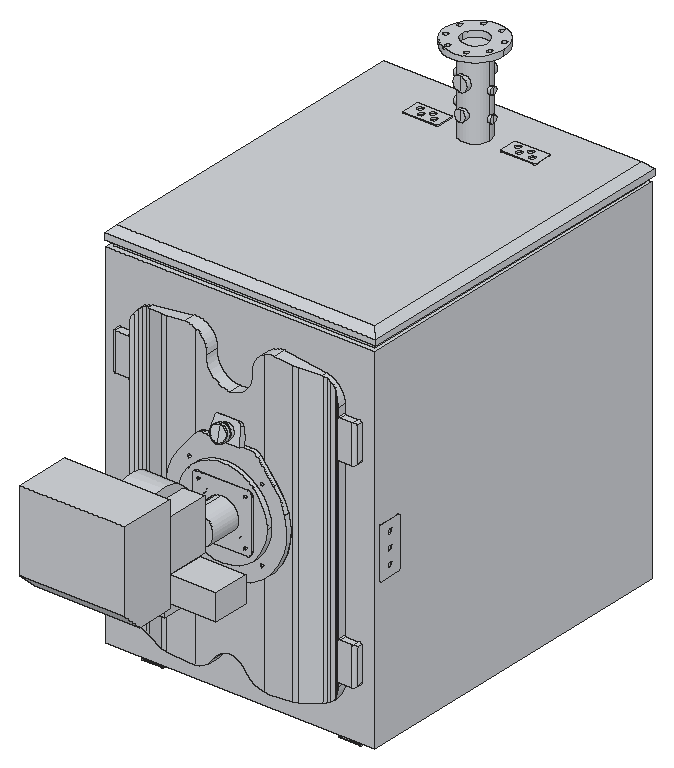
Revit family
Parameters
  Show Burner = yes
  Model = "TS-95-85"
  Manufacturer = "Burnham Commercial Boilers"
  Description = "MPC 7 Boiler"
  Burner = C1-GO-10_MOD_UL : Low Detail
Reference planes (in)
  plane 1 "Center (Front/Back)": y = 0
  plane 2: z = 0
  plane 3 "Center (Left/Right)": x = 0
  plane 4 "Left": x = -21.14045
  plane 5 "Right": x = 21.18698
  plane 6 "Front": y = -45.77112
  plane 7 "Back": y = 8.46875
  plane 8 "Bottom": z = 1.9975
  plane 9 "Top 1": z = 57.31
  plane 10 "Top 2": z = 60.185
  plane 11 "Top 3": z = 73.625
Forms (in)
  Extrusion 1, solid
    sketch origin (0, 0, 0) x (1, 0, 0) y (0, 1, 0)
      loop
        line (-21.14045, 8.46875) -> (-21.14045, -45.77112) -> (21.18698, -45.77112) -> (21.18698, 8.46875) -> (-21.14045, 8.46875)
    from 57.31 to 60.185
  Sweep 2, void
    path origin (0, 0, 59.75) x (1, 0, 0) y (0, 1, 0)
      loop
        line (-21.14045, -45.77112) -> (21.18698, -45.77112) -> (21.18698, 8.46875) -> (-21.14045, 8.46875) -> (-21.14045, -45.77112)
    profile origin (-21.14045, -18.65119, 59.75) x (-1, 0, 0) y (0, 0, 1)
      loop
        line (0.04673, 0.435) -> (-1.0993, 0.435) -> (0.04673, -0.67171) -> (0.04673, 0.435)
      loop
        line (0.04673, -1.565) -> (-0.85445, -1.565) -> (-0.85445, -2.44) -> (0.04673, -2.44) -> (0.04673, -1.565)
  Extrusion 3, solid
    sketch origin (0, 0, 0) x (1, 0, 0) y (0, 1, 0)
      loop
        circle (0, 0) r 2.285
    from 60.185 to 72.375
  Extrusion 4, solid
    sketch origin (0, 0, 0) x (1, 0, 0) y (0, 1, 0)
      loop
        circle (0, 0) r 4.5
    from 72.745 to 73.625
  Extrusion 5, solid
    sketch origin (0, 0, 0) x (1, 0, 0) y (0, 1, 0)
      loop
        line (-21, 8.26109) -> (-21, -45.77112) -> (21, -45.77112) -> (21, 8.26109) -> (-21, 8.26109)
    from 1.9975 to 57.31
  Extrusion 6, solid
    sketch origin (0, -20.375, 0) x (0, 1, 0) y (0, 0, 1)
      loop
        line (-22.00296, 1.9975) -> (-22.03008, 1.57834)
        arc (-22.03008, 1.57834) -> (-22.07501, 1.39852) -> (-22.18046, 1.24609) r 0.51709
        line (-22.18046, 1.24609) -> (-22.79508, 0.63147)
        arc (-22.79508, 0.63147) -> (-22.89919, 0.55119) -> (-23.02029, 0.5) r 0.51299
        arc (-23.02029, 0.5) -> (-23.16259, 0.44106) -> (-23.22153, 0.29876) r 0.20124
        line (-23.22153, 0.29876) -> (-23.22153, 0.12275)
        arc (-23.22153, 0.12275) -> (-23.18558, 0.03595) -> (-23.09878, 0) r 0.12275
        line (-23.09878, 0) -> (-18.8952, 0) -> (-18.08816, 1.9975) -> (-22.00296, 1.9975)
    from 13.64682 to 17.0625
  Extrusion 7, solid, not visible
    sketch origin (0, 0, 0) x (0, 1, 0) y (0, 0, 1)
      loop
        line (-22.00296, 1.9975) -> (-22.03008, 1.57834)
        arc (-22.03008, 1.57834) -> (-22.07501, 1.39852) -> (-22.18046, 1.24609) r 0.51709
        line (-22.18046, 1.24609) -> (-22.79508, 0.63147)
        arc (-22.79508, 0.63147) -> (-22.89919, 0.55119) -> (-23.02029, 0.5) r 0.51299
        arc (-23.02029, 0.5) -> (-23.16259, 0.44106) -> (-23.22153, 0.29876) r 0.20124
        line (-23.22153, 0.29876) -> (-23.22153, 0.12275)
        arc (-23.22153, 0.12275) -> (-23.18558, 0.03595) -> (-23.09878, 0) r 0.12275
        line (-23.09878, 0) -> (-18.8952, 0) -> (-18.08816, 1.9975) -> (-22.00296, 1.9975)
    from 13.64682 to 17.0625
  Extrusion 8, solid
    sketch origin (0, -20.42056, 0) x (0, -1, 0) y (0, 0, 1)
      loop
        line (21.9574, 1.9975) -> (18.0426, 1.9975) -> (18.84964, 0) -> (23.05322, 0)
        arc (23.05322, 0) -> (23.14002, 0.03595) -> (23.17597, 0.12275) r 0.12275
        line (23.17597, 0.12275) -> (23.17597, 0.29876)
        arc (23.17597, 0.29876) -> (23.11703, 0.44106) -> (22.97473, 0.5) r 0.20124
        arc (22.97473, 0.5) -> (22.85363, 0.55119) -> (22.74952, 0.63147) r 0.51299
        line (22.74952, 0.63147) -> (22.1349, 1.24609)
        arc (22.1349, 1.24609) -> (22.02945, 1.39852) -> (21.98452, 1.57834) r 0.51709
        line (21.98452, 1.57834) -> (21.9574, 1.9975)
    from 13.64682 to 17.0625
  Extrusion 9, solid
    sketch origin (0, 20.42056, 0) x (0, 1, 0) y (0, 0, 1)
      loop
        line (-18.83816, 1.9975) -> (-22.75296, 1.9975) -> (-21.94592, 0) -> (-17.74234, 0)
        arc (-17.74234, 0) -> (-17.65554, 0.03595) -> (-17.61959, 0.12275) r 0.12275
        line (-17.61959, 0.12275) -> (-17.61959, 0.29876)
        arc (-17.61959, 0.29876) -> (-17.67853, 0.44106) -> (-17.82083, 0.5) r 0.20124
        arc (-17.82083, 0.5) -> (-17.94193, 0.55119) -> (-18.04604, 0.63147) r 0.51299
        line (-18.04604, 0.63147) -> (-18.66067, 1.24609)
        arc (-18.66067, 1.24609) -> (-18.76612, 1.39852) -> (-18.81104, 1.57834) r 0.51709
        line (-18.81104, 1.57834) -> (-18.83816, 1.9975)
    from 13.64682 to 17.0625
  Extrusion 10, solid
    sketch origin (0, -20.42056, 0) x (0, -1, 0) y (0, 0, 1)
      loop
        line (-22.00296, 1.9975) -> (-22.03008, 1.57834)
        arc (-22.03008, 1.57834) -> (-22.07501, 1.39852) -> (-22.18046, 1.24609) r 0.51709
        line (-22.18046, 1.24609) -> (-22.79508, 0.63147)
        arc (-22.79508, 0.63147) -> (-22.89919, 0.55119) -> (-23.02029, 0.5) r 0.51299
        arc (-23.02029, 0.5) -> (-23.16259, 0.44106) -> (-23.22153, 0.29876) r 0.20124
        line (-23.22153, 0.29876) -> (-23.22153, 0.12275)
        arc (-23.22153, 0.12275) -> (-23.18558, 0.03595) -> (-23.09878, 0) r 0.12275
        line (-23.09878, 0) -> (-18.8952, 0) -> (-18.08816, 1.9975) -> (-22.00296, 1.9975)
    from 13.64682 to 17.0625
  Extrusion 11, solid
    sketch origin (0, 54.30694, 0) x (0, 1, 0) y (0, 0, 1)
      loop
        line (-70.12838, 1.9975) -> (-69.36162, 0) -> (-66.36162, 0) -> (-65.67382, 1.9975) -> (-70.12838, 1.9975)
    from 13.64682 to 17.0625
  Extrusion 12, solid, not visible
    sketch origin (0, 54.30694, 0) x (0, 1, 0) y (0, 0, 1)
      loop
        line (-70.12838, 1.9975) -> (-69.36162, 0) -> (-66.36162, 0) -> (-65.67382, 1.9975) -> (-70.12838, 1.9975)
    from 13.64682 to 17.0625
  Extrusion 13, solid
    sketch origin (0, 61.07236, 0) x (0, 1, 0) y (0, 0, 1)
      loop
        line (-70.12838, 1.9975) -> (-69.36162, 0) -> (-66.36162, 0) -> (-65.67382, 1.9975) -> (-70.12838, 1.9975)
    from 13.64682 to 17.0625
  Extrusion 14, solid
    sketch origin (0, -13.53082, 0) x (0, -1, 0) y (0, 0, 1)
      loop
        line (2.29062, 1.9975) -> (-2.16394, 1.9975) -> (-1.47615, 0) -> (1.52385, 0) -> (2.29062, 1.9975)
    from 13.64682 to 17.0625
  Extrusion 15, solid
    sketch origin (0, -6.76541, 0) x (0, -1, 0) y (0, 0, 1)
      loop
        line (2.29062, 1.9975) -> (-2.16394, 1.9975) -> (-1.47615, 0) -> (1.52385, 0) -> (2.29062, 1.9975)
    from 13.64682 to 17.0625
  Extrusion 16, solid
    sketch origin (0, 0, -1.5) x (1, 0, 0) y (0, 1, 0)
      loop
        circle (0, 0) r 2.655
    from 73.875 to 74.245
  Extrusion 17, void
    sketch origin (0, 0, 0) x (1, 0, 0) y (0, 1, 0)
      loop
        circle (0, 0) r 2
    from 60.185 to 73.685
  Extrusion 18, void
    sketch origin (0, 0, 0) x (1, 0, 0) y (0, 1, 0)
      loop
        circle (-1.43525, 3.46364) r 0.37482
    from 72.375 to 73.685
  Extrusion 19, void
    sketch origin (2.87291, 0, 0) x (1, 0, 0) y (0, 1, 0)
      loop
        circle (-1.43525, 3.46364) r 0.37482
    from 72.375 to 73.685
  Extrusion 20, void
    sketch origin (-2.0293, -2.02839, 0) x (1, 0, 0) y (0, 1, 0)
      loop
        circle (-1.43525, 3.46364) r 0.37482
    from 72.375 to 73.685
  Extrusion 21, void
    sketch origin (-2.0293, -4.89852, 0) x (1, 0, 0) y (0, 1, 0)
      loop
        circle (-1.43525, 3.46364) r 0.37482
    from 72.375 to 73.685
  Extrusion 22, void
    sketch origin (0.00018, -6.928, 0) x (1, 0, 0) y (0, 1, 0)
      loop
        circle (-1.43525, 3.46364) r 0.37482
    from 72.375 to 73.685
  Extrusion 23, void
    sketch origin (2.87031, -6.928, 0) x (1, 0, 0) y (0, 1, 0)
      loop
        circle (-1.43525, 3.46364) r 0.37482
    from 72.375 to 73.685
  Extrusion 24, void
    sketch origin (4.8998, -4.89852, 0) x (1, 0, 0) y (0, 1, 0)
      loop
        circle (-1.43525, 3.46364) r 0.37482
    from 72.375 to 73.685
  Extrusion 25, void
    sketch origin (4.8998, -2.02839, 0) x (1, 0, 0) y (0, 1, 0)
      loop
        circle (-1.43525, 3.46364) r 0.37482
    from 72.375 to 73.685
  Extrusion 26, solid
    sketch origin (0, 0, 0) x (1, 0, 0) y (0, 0, 1)
      loop
        circle (0, 29) r 7
    from -10.11351 to -8.26109
  Extrusion 27, solid
    sketch origin (0.00197, -59.60366, 48.99101) x (0, 0, -1) y (-1, 0, 0)
      loop
        circle (0, 0) r 2.285
    from 67.79742 to 72.375
  Extrusion 28, solid
    sketch origin (0.00197, -59.60366, 48.99101) x (0, 0, -1) y (-1, 0, 0)
      loop
        circle (0, 0) r 4.5
    from 72.745 to 73.625
  Extrusion 29, solid
    sketch origin (0.00197, -61.10366, 48.99101) x (0, 0, -1) y (-1, 0, 0)
      loop
        circle (0, 0) r 2.655
    from 73.875 to 74.245
  Extrusion 30, void
    sketch origin (0.00197, -59.60366, 48.99101) x (0, 0, -1) y (-1, 0, 0)
      loop
        circle (0, 0) r 2
    from 67.79742 to 73.685
  Extrusion 31, void
    sketch origin (0.00197, -59.60366, 48.99101) x (0, 0, -1) y (-1, 0, 0)
      loop
        circle (-1.43525, 3.46364) r 0.37482
    from 72.375 to 73.685
  Extrusion 32, void
    sketch origin (0.00197, -59.60366, 46.1181) x (0, 0, -1) y (-1, 0, 0)
      loop
        circle (-1.43525, 3.46364) r 0.37482
    from 72.375 to 73.685
  Extrusion 33, void
    sketch origin (2.03036, -59.60366, 51.02031) x (0, 0, -1) y (-1, 0, 0)
      loop
        circle (-1.43525, 3.46364) r 0.37482
    from 72.375 to 73.685
  Extrusion 34, void
    sketch origin (4.90048, -59.60366, 51.02031) x (0, 0, -1) y (-1, 0, 0)
      loop
        circle (-1.43525, 3.46364) r 0.37482
    from 72.375 to 73.685
  Extrusion 35, void
    sketch origin (6.92997, -59.60366, 48.99082) x (0, 0, -1) y (-1, 0, 0)
      loop
        circle (-1.43525, 3.46364) r 0.37482
    from 72.375 to 73.685
  Extrusion 36, void
    sketch origin (6.92997, -59.60366, 46.1207) x (0, 0, -1) y (-1, 0, 0)
      loop
        circle (-1.43525, 3.46364) r 0.37482
    from 72.375 to 73.685
  Extrusion 37, void
    sketch origin (4.90048, -59.60366, 44.09121) x (0, 0, -1) y (-1, 0, 0)
      loop
        circle (-1.43525, 3.46364) r 0.37482
    from 72.375 to 73.685
  Extrusion 38, void
    sketch origin (2.03036, -59.60366, 44.09121) x (0, 0, -1) y (-1, 0, 0)
      loop
        circle (-1.43525, 3.46364) r 0.37482
    from 72.375 to 73.685
  Extrusion 39, solid, not visible
    sketch origin (34, 0, 0) x (1, 0, 0) y (0, 1, 0)
      loop
        circle (0, 0) r 2.285
    from 67.79742 to 72.375
  Extrusion 40, solid, not visible
    sketch origin (34, 0, 0) x (1, 0, 0) y (0, 1, 0)
      loop
        circle (0, 0) r 4.5
    from 72.745 to 73.625
  Extrusion 41, solid, not visible
    sketch origin (34, 0, -1.5) x (1, 0, 0) y (0, 1, 0)
      loop
        circle (0, 0) r 2.655
    from 73.875 to 74.245
  Extrusion 42, void, not visible
    sketch origin (34, 0, 0) x (1, 0, 0) y (0, 1, 0)
      loop
        circle (0, 0) r 2
    from 67.79742 to 73.685
  Extrusion 43, void, not visible
    sketch origin (34, 0, 0) x (1, 0, 0) y (0, 1, 0)
      loop
        circle (-1.43525, 3.46364) r 0.37482
    from 72.375 to 73.685
  Extrusion 44, void, not visible
    sketch origin (36.87291, 0, 0) x (1, 0, 0) y (0, 1, 0)
      loop
        circle (-1.43525, 3.46364) r 0.37482
    from 72.375 to 73.685
  Extrusion 45, void, not visible
    sketch origin (31.9707, -2.02839, 0) x (1, 0, 0) y (0, 1, 0)
      loop
        circle (-1.43525, 3.46364) r 0.37482
    from 72.375 to 73.685
  Extrusion 46, void, not visible
    sketch origin (31.9707, -4.89852, 0) x (1, 0, 0) y (0, 1, 0)
      loop
        circle (-1.43525, 3.46364) r 0.37482
    from 72.375 to 73.685
  Extrusion 47, void, not visible
    sketch origin (34.00018, -6.928, 0) x (1, 0, 0) y (0, 1, 0)
      loop
        circle (-1.43525, 3.46364) r 0.37482
    from 72.375 to 73.685
  Extrusion 48, void, not visible
    sketch origin (36.87031, -6.928, 0) x (1, 0, 0) y (0, 1, 0)
      loop
        circle (-1.43525, 3.46364) r 0.37482
    from 72.375 to 73.685
  Extrusion 49, void, not visible
    sketch origin (38.8998, -4.89852, 0) x (1, 0, 0) y (0, 1, 0)
      loop
        circle (-1.43525, 3.46364) r 0.37482
    from 72.375 to 73.685
  Extrusion 50, void, not visible
    sketch origin (38.8998, -2.02839, 0) x (1, 0, 0) y (0, 1, 0)
      loop
        circle (-1.43525, 3.46364) r 0.37482
    from 72.375 to 73.685
  Revolve 51, solid
    sketch origin (0, 0, 0) x (0, 1, 0) y (0, 0, 1)
      loop
        line (8.60476, 7.34993) -> (8.26109, 7.34993) -> (8.26109, 7.24947) -> (8.60476, 7.24947) -> (8.60476, 7.34993)
      axis (8.60476, 5.65946) -> (8.26109, 5.65946)
    angle from 0 to 360
  Revolve 52, solid
    sketch origin (0, 0, 0) x (0, 1, 0) y (0, 0, 1)
      loop
        line (9.8257, 51.27691) -> (9.8257, 52.26618) -> (9.3342, 52.26618) -> (9.3342, 52.03856) -> (9.4267, 52.03856) -> (9.4267, 51.86382) -> (9.28848, 51.86382) -> (9.28848, 51.27691) -> (9.8257, 51.27691)
      axis (9.8257, 52.26618) -> (9.8257, 51.27691)
    angle from 0 to 360
  Revolve 53, solid, not visible
    sketch origin (82.99101, 0.00197, 59.60366) x (0, 0, 1) y (-1, 0, 0)
      loop
        line (9.8257, 51.27691) -> (9.8257, 52.26618) -> (9.3342, 52.26618) -> (9.3342, 52.03856) -> (9.4267, 52.03856) -> (9.4267, 51.86382) -> (9.28848, 51.86382) -> (9.28848, 51.27691) -> (9.8257, 51.27691)
      axis (9.8257, 52.26618) -> (9.8257, 51.27691)
    angle from 0 to 360
  Revolve 54, solid
    sketch origin (0, 0, 97.97165) x (0, 1, 0) y (0, 0, -1)
      loop
        line (9.8257, 51.27691) -> (9.8257, 52.26618) -> (9.3342, 52.26618) -> (9.3342, 52.03856) -> (9.4267, 52.03856) -> (9.4267, 51.86382) -> (9.28848, 51.86382) -> (9.28848, 51.27691) -> (9.8257, 51.27691)
      axis (9.8257, 52.26618) -> (9.8257, 51.27691)
    angle from 0 to 360
  Revolve 55, solid, not visible
    sketch origin (-14.98064, 0.00197, 59.60366) x (0, 0, 1) y (-1, 0, 0)
      loop
        line (9.8257, -51.27691) -> (9.28848, -51.27691) -> (9.28848, -51.86382) -> (9.4267, -51.86382) -> (9.4267, -52.03856) -> (9.3342, -52.03856) -> (9.3342, -52.26618) -> (9.8257, -52.26618) -> (9.8257, -51.27691)
      axis (9.8257, -52.26618) -> (9.8257, -51.27691)
    angle from 0 to 360
  Revolve 56, solid
    sketch origin (-49.39118, 0, 77.29947) x (0, 0, -1) y (1, 0, 0)
      loop
        line (9.98626, 51.64118) -> (9.98626, 52.26618) -> (9.43845, 52.26618) -> (9.43845, 51.64118) -> (9.98626, 51.64118)
      axis (9.98626, 52.26618) -> (9.98626, 51.64118)
    angle from 0 to 360
  Extrusion 57, solid, not visible
    sketch origin (0, 0, 0) x (1, 0, 0) y (0, 1, 0)
      loop
        circle (0, 0) r 2.285
    from 60.185 to 72.375
  Extrusion 58, solid, not visible
    sketch origin (0, 0, 0) x (1, 0, 0) y (0, 1, 0)
      loop
        circle (0, 0) r 4.5
    from 72.745 to 73.625
  Extrusion 59, solid, not visible
    sketch origin (0, 0, -1.5) x (1, 0, 0) y (0, 1, 0)
      loop
        circle (0, 0) r 2.655
    from 73.875 to 74.245
  Extrusion 60, void, not visible
    sketch origin (0, 0, 0) x (1, 0, 0) y (0, 1, 0)
      loop
        circle (0, 0) r 2
    from 60.185 to 73.685
  Extrusion 61, void, not visible
    sketch origin (0, 0, 0) x (1, 0, 0) y (0, 1, 0)
      loop
        circle (-1.43525, 3.46364) r 0.37482
    from 72.375 to 73.685
  Extrusion 62, void, not visible
    sketch origin (2.87291, 0, 0) x (1, 0, 0) y (0, 1, 0)
      loop
        circle (-1.43525, 3.46364) r 0.37482
    from 72.375 to 73.685
  Extrusion 63, void, not visible
    sketch origin (-2.0293, -2.02839, 0) x (1, 0, 0) y (0, 1, 0)
      loop
        circle (-1.43525, 3.46364) r 0.37482
    from 72.375 to 73.685
  Extrusion 64, void, not visible
    sketch origin (-2.0293, -4.89852, 0) x (1, 0, 0) y (0, 1, 0)
      loop
        circle (-1.43525, 3.46364) r 0.37482
    from 72.375 to 73.685
  Extrusion 65, void, not visible
    sketch origin (0.00018, -6.928, 0) x (1, 0, 0) y (0, 1, 0)
      loop
        circle (-1.43525, 3.46364) r 0.37482
    from 72.375 to 73.685
  Extrusion 66, void, not visible
    sketch origin (2.87031, -6.928, 0) x (1, 0, 0) y (0, 1, 0)
      loop
        circle (-1.43525, 3.46364) r 0.37482
    from 72.375 to 73.685
  Extrusion 67, void, not visible
    sketch origin (4.8998, -4.89852, 0) x (1, 0, 0) y (0, 1, 0)
      loop
        circle (-1.43525, 3.46364) r 0.37482
    from 72.375 to 73.685
  Extrusion 68, void, not visible
    sketch origin (4.8998, -2.02839, 0) x (1, 0, 0) y (0, 1, 0)
      loop
        circle (-1.43525, 3.46364) r 0.37482
    from 72.375 to 73.685
  Revolve 69, solid, not visible
    sketch origin (-49.39118, 0, 77.29947) x (0, 0, -1) y (1, 0, 0)
      loop
        line (9.98626, 51.64118) -> (9.98626, 52.26618) -> (9.43845, 52.26618) -> (9.43845, 51.64118) -> (9.98626, 51.64118)
      axis (9.98626, 52.26618) -> (9.98626, 51.64118)
    angle from 0 to 360
  Revolve 70, solid
    sketch origin (-49.39118, 0, 73.31678) x (0, 0, -1) y (1, 0, 0)
      loop
        line (9.98626, 51.64118) -> (9.98626, 52.26618) -> (9.43845, 52.26618) -> (9.43845, 51.64118) -> (9.98626, 51.64118)
      axis (9.98626, 52.26618) -> (9.98626, 51.64118)
    angle from 0 to 360
  Revolve 71, solid
    sketch origin (49.39118, 0, 78.04947) x (0, 0, -1) y (1, 0, 0)
      loop
        line (9.98626, -51.64118) -> (9.43845, -51.64118) -> (9.43845, -52.26618) -> (9.98626, -52.26618) -> (9.98626, -51.64118)
      axis (9.98626, -52.26618) -> (9.98626, -51.64118)
    angle from 0 to 360
  Revolve 72, solid
    sketch origin (49.39118, 0, 74.08072) x (0, 0, -1) y (1, 0, 0)
      loop
        line (9.98626, -51.64118) -> (9.43845, -51.64118) -> (9.43845, -52.26618) -> (9.98626, -52.26618) -> (9.98626, -51.64118)
      axis (9.98626, -52.26618) -> (9.98626, -51.64118)
    angle from 0 to 360
  Revolve 73, solid, not visible
    sketch origin (-49.39118, 0, 73.31678) x (0, 0, -1) y (1, 0, 0)
      loop
        line (9.98626, 51.64118) -> (9.98626, 52.26618) -> (9.43845, 52.26618) -> (9.43845, 51.64118) -> (9.98626, 51.64118)
      axis (9.98626, 52.26618) -> (9.98626, 51.64118)
    angle from 0 to 360
  Revolve 74, solid, not visible
    sketch origin (49.39118, 0, 78.04947) x (0, 0, -1) y (1, 0, 0)
      loop
        line (9.98626, -51.64118) -> (9.43845, -51.64118) -> (9.43845, -52.26618) -> (9.98626, -52.26618) -> (9.98626, -51.64118)
      axis (9.98626, -52.26618) -> (9.98626, -51.64118)
    angle from 0 to 360
  Revolve 75, solid, not visible
    sketch origin (49.39118, 0, 74.08072) x (0, 0, -1) y (1, 0, 0)
      loop
        line (9.98626, -51.64118) -> (9.43845, -51.64118) -> (9.43845, -52.26618) -> (9.98626, -52.26618) -> (9.98626, -51.64118)
      axis (9.98626, -52.26618) -> (9.98626, -51.64118)
    angle from 0 to 360
  Revolve 76, solid
    sketch origin (0, 0, 0) x (0, 1, 0) y (0, 0, 1)
      loop
        line (-2.87887, 68.49557) -> (-2.25302, 68.49557) -> (-2.25302, 69.60206) -> (-2.87887, 69.60206) -> (-2.87887, 68.49557)
      axis (-2.87887, 68.49557) -> (-2.25302, 68.49557)
    angle from 0 to 360
  Revolve 77, solid
    sketch origin (0, 0, 0) x (0, -1, 0) y (0, 0, 1)
      loop
        line (-2.87887, 68.49557) -> (-2.25302, 68.49557) -> (-2.25302, 69.60206) -> (-2.87887, 69.60206) -> (-2.87887, 68.49557)
      axis (-2.87887, 68.49557) -> (-2.25302, 68.49557)
    angle from 0 to 360
  Revolve 78, solid
    sketch origin (0, 0, 0) x (0, 1, 0) y (0, 0, 1)
      loop
        line (2.87887, 65.35057) -> (2.2777, 65.35057) -> (2.2777, 64.81335) -> (2.87887, 64.81335) -> (2.87887, 65.35057)
      axis (2.87887, 64.81335) -> (2.2777, 64.81335)
    angle from 0 to 360
  Revolve 79, solid
    sketch origin (0, 0, -0.75) x (0, -1, 0) y (0, 0, 1)
      loop
        line (2.87887, 65.65709) -> (2.2777, 65.65709) -> (2.2777, 64.81335) -> (2.87887, 64.81335) -> (2.87887, 65.65709)
      axis (2.87887, 64.81335) -> (2.2777, 64.81335)
    angle from 0 to 360
  Revolve 80, solid, not visible
    sketch origin (0, 0, 0) x (0, 1, 0) y (0, 0, 1)
      loop
        line (-2.87887, 68.49557) -> (-2.25302, 68.49557) -> (-2.25302, 69.60206) -> (-2.87887, 69.60206) -> (-2.87887, 68.49557)
      axis (-2.87887, 68.49557) -> (-2.25302, 68.49557)
    angle from 0 to 360
  Revolve 81, solid, not visible
    sketch origin (0, 0, 0) x (0, -1, 0) y (0, 0, 1)
      loop
        line (-2.87887, 68.49557) -> (-2.25302, 68.49557) -> (-2.25302, 69.60206) -> (-2.87887, 69.60206) -> (-2.87887, 68.49557)
      axis (-2.87887, 68.49557) -> (-2.25302, 68.49557)
    angle from 0 to 360
  Revolve 82, solid, not visible
    sketch origin (0, 0, 0) x (0, 1, 0) y (0, 0, 1)
      loop
        line (2.87887, 65.35057) -> (2.2777, 65.35057) -> (2.2777, 64.81335) -> (2.87887, 64.81335) -> (2.87887, 65.35057)
      axis (2.87887, 64.81335) -> (2.2777, 64.81335)
    angle from 0 to 360
  Revolve 83, solid, not visible
    sketch origin (0, 0, -0.75) x (0, -1, 0) y (0, 0, 1)
      loop
        line (2.87887, 65.65709) -> (2.2777, 65.65709) -> (2.2777, 64.81335) -> (2.87887, 64.81335) -> (2.87887, 65.65709)
      axis (2.87887, 64.81335) -> (2.2777, 64.81335)
    angle from 0 to 360
  Extrusion 84, solid
    sketch origin (0, 0, 0) x (1, 0, 0) y (0, 0, 1)
      loop
        line (12.03125, 12.78125) -> (5.03125, 12.78125)
        arc (5.03125, 12.78125) -> (4.12527, 12.40598) -> (3.75, 11.5) r 1.28125
        line (3.75, 11.5) -> (3.75, 11.3382)
        spline (3.75, 11.3382) -> (3.74852, 11.31103) -> (3.74409, 11.28419) -> (3.73678, 11.25799) -> (3.72665, 11.23276) -> (3.71384, 11.20879) -> (3.6985, 11.18635) -> (3.6808, 11.16573) -> (3.66096, 11.14715) -> (3.6392, 11.13084) -> (3.6158, 11.11699) -> (3.59102, 11.10577) -> (3.56516, 11.09731)
        line (3.56516, 11.09731) -> (3.06117, 10.96226)
        spline (3.06117, 10.96226) -> (3.04824, 10.95803) -> (3.03585, 10.95242) -> (3.02415, 10.9455) -> (3.01327, 10.93734) -> (3.00335, 10.92805) -> (2.9945, 10.91774) -> (2.98683, 10.90652) -> (2.98042, 10.89454) -> (2.97536, 10.88192) -> (2.9717, 10.86882) -> (2.96949, 10.8554) -> (2.96875, 10.84182)
        line (2.96875, 10.84182) -> (2.96875, 10.68727)
        spline (2.96875, 10.68727) -> (2.96981, 10.67095) -> (2.97298, 10.65492) -> (2.9782, 10.63945) -> (2.98539, 10.62482) -> (2.99441, 10.61125) -> (3.00513, 10.59899) -> (3.01735, 10.58824) -> (3.03088, 10.57919) -> (3.04547, 10.57198) -> (3.06089, 10.56674) -> (3.07687, 10.56356) -> (3.09314, 10.5625)
        line (3.09314, 10.5625) -> (3.4375, 10.5625)
        arc (3.4375, 10.5625) -> (3.625, 10.375) -> (3.4375, 10.1875) r 0.1875
        line (3.4375, 10.1875) -> (3.09314, 10.1875)
        spline (3.09314, 10.1875) -> (3.07687, 10.18643) -> (3.06089, 10.18326) -> (3.04547, 10.17802) -> (3.03088, 10.17081) -> (3.01735, 10.16176) -> (3.00513, 10.15101) -> (2.99441, 10.13875) -> (2.98539, 10.12518) -> (2.9782, 10.11054) -> (2.97298, 10.09508) -> (2.96981, 10.07905) -> (2.96875, 10.06273)
        line (2.96875, 10.06273) -> (2.96875, 9.90818)
        spline (2.96875, 9.90818) -> (2.96949, 9.8946) -> (2.9717, 9.88117) -> (2.97536, 9.86808) -> (2.98042, 9.85546) -> (2.98683, 9.84348) -> (2.9945, 9.83226) -> (3.00335, 9.82195) -> (3.01327, 9.81266) -> (3.02415, 9.8045) -> (3.03585, 9.79758) -> (3.04824, 9.79197) -> (3.06117, 9.78773)
        line (3.06117, 9.78773) -> (3.57377, 9.65038)
        arc (3.57377, 9.65038) -> (3.69875, 9.57159) -> (3.75721, 9.43592) r 0.24939
        arc (3.75721, 9.43592) -> (4.03223, 8.76945) -> (4.62358, 8.35701) r 1.28125
        arc (4.62358, 8.35701) -> (8.53125, 7.71875) -> (12.43892, 8.35701) r 12.28125
        arc (12.43892, 8.35701) -> (13.03027, 8.76945) -> (13.30529, 9.43592) r 1.28125
        arc (13.30529, 9.43592) -> (13.36375, 9.57159) -> (13.48873, 9.65038) r 0.24939
        line (13.48873, 9.65038) -> (14.00133, 9.78773)
        spline (14.00133, 9.78773) -> (14.01426, 9.79197) -> (14.02665, 9.79758) -> (14.03835, 9.8045) -> (14.04923, 9.81266) -> (14.05915, 9.82195) -> (14.068, 9.83226) -> (14.07567, 9.84348) -> (14.08208, 9.85546) -> (14.08714, 9.86808) -> (14.0908, 9.88117) -> (14.09301, 9.8946) -> (14.09375, 9.90818)
        line (14.09375, 9.90818) -> (14.09375, 10.06273)
        spline (14.09375, 10.06273) -> (14.09269, 10.07905) -> (14.08952, 10.09508) -> (14.0843, 10.11054) -> (14.07711, 10.12518) -> (14.06809, 10.13875) -> (14.05737, 10.15101) -> (14.04515, 10.16176) -> (14.03162, 10.17081) -> (14.01703, 10.17802) -> (14.00161, 10.18326) -> (13.98563, 10.18643) -> (13.96936, 10.1875)
        line (13.96936, 10.1875) -> (13.625, 10.1875)
        arc (13.625, 10.1875) -> (13.4375, 10.375) -> (13.625, 10.5625) r 0.1875
        line (13.625, 10.5625) -> (13.96936, 10.5625)
        spline (13.96936, 10.5625) -> (13.98563, 10.56356) -> (14.00161, 10.56674) -> (14.01703, 10.57198) -> (14.03162, 10.57919) -> (14.04515, 10.58824) -> (14.05737, 10.59899) -> (14.06809, 10.61125) -> (14.07711, 10.62482) -> (14.0843, 10.63945) -> (14.08952, 10.65492) -> (14.09269, 10.67095) -> (14.09375, 10.68727)
        line (14.09375, 10.68727) -> (14.09375, 10.84182)
        spline (14.09375, 10.84182) -> (14.09301, 10.8554) -> (14.0908, 10.86882) -> (14.08714, 10.88192) -> (14.08208, 10.89454) -> (14.07567, 10.90652) -> (14.068, 10.91774) -> (14.05915, 10.92805) -> (14.04923, 10.93734) -> (14.03835, 10.9455) -> (14.02665, 10.95242) -> (14.01426, 10.95803) -> (14.00133, 10.96226)
        line (14.00133, 10.96226) -> (13.49734, 11.09731)
        spline (13.49734, 11.09731) -> (13.47148, 11.10577) -> (13.4467, 11.11699) -> (13.4233, 11.13084) -> (13.40154, 11.14715) -> (13.3817, 11.16573) -> (13.364, 11.18635) -> (13.34866, 11.20879) -> (13.33585, 11.23276) -> (13.32572, 11.25799) -> (13.31841, 11.28419) -> (13.31398, 11.31103) -> (13.3125, 11.3382)
        line (13.3125, 11.3382) -> (13.3125, 11.5)
        arc (13.3125, 11.5) -> (12.93723, 12.40598) -> (12.03125, 12.78125) r 1.28125
    from -8.86762 to -8.19376
  Blend 85, solid
    base sketch origin (0, 0, -0.07812) x (1, 0, 0) y (0, 0, 1)
      loop
        line (9.99103, 10.65524) -> (7.07147, 10.65524) -> (7.07147, 10.09476) -> (9.99103, 10.09476) -> (9.99103, 10.65524)
    top sketch origin (0, 0, -0.07812) x (1, 0, 0) y (0, 0, 1)
      loop
        line (9.33942, 10.47078) -> (7.72308, 10.47078) -> (7.72308, 10.27922) -> (9.33942, 10.27922) -> (9.33942, 10.47078)
    from -8.86762 to -9.86762
  Extrusion 86, solid, not visible
    sketch origin (0, 0, 0) x (1, 0, 0) y (0, 0, 1)
      loop
        line (12.03125, 12.78125) -> (5.03125, 12.78125)
        arc (5.03125, 12.78125) -> (4.12527, 12.40598) -> (3.75, 11.5) r 1.28125
        line (3.75, 11.5) -> (3.75, 11.3382)
        spline (3.75, 11.3382) -> (3.74852, 11.31103) -> (3.74409, 11.28419) -> (3.73678, 11.25799) -> (3.72665, 11.23276) -> (3.71384, 11.20879) -> (3.6985, 11.18635) -> (3.6808, 11.16573) -> (3.66096, 11.14715) -> (3.6392, 11.13084) -> (3.6158, 11.11699) -> (3.59102, 11.10577) -> (3.56516, 11.09731)
        line (3.56516, 11.09731) -> (3.06117, 10.96226)
        spline (3.06117, 10.96226) -> (3.04824, 10.95803) -> (3.03585, 10.95242) -> (3.02415, 10.9455) -> (3.01327, 10.93734) -> (3.00335, 10.92805) -> (2.9945, 10.91774) -> (2.98683, 10.90652) -> (2.98042, 10.89454) -> (2.97536, 10.88192) -> (2.9717, 10.86882) -> (2.96949, 10.8554) -> (2.96875, 10.84182)
        line (2.96875, 10.84182) -> (2.96875, 10.68727)
        spline (2.96875, 10.68727) -> (2.96981, 10.67095) -> (2.97298, 10.65492) -> (2.9782, 10.63945) -> (2.98539, 10.62482) -> (2.99441, 10.61125) -> (3.00513, 10.59899) -> (3.01735, 10.58824) -> (3.03088, 10.57919) -> (3.04547, 10.57198) -> (3.06089, 10.56674) -> (3.07687, 10.56356) -> (3.09314, 10.5625)
        line (3.09314, 10.5625) -> (3.4375, 10.5625)
        arc (3.4375, 10.5625) -> (3.625, 10.375) -> (3.4375, 10.1875) r 0.1875
        line (3.4375, 10.1875) -> (3.09314, 10.1875)
        spline (3.09314, 10.1875) -> (3.07687, 10.18643) -> (3.06089, 10.18326) -> (3.04547, 10.17802) -> (3.03088, 10.17081) -> (3.01735, 10.16176) -> (3.00513, 10.15101) -> (2.99441, 10.13875) -> (2.98539, 10.12518) -> (2.9782, 10.11054) -> (2.97298, 10.09508) -> (2.96981, 10.07905) -> (2.96875, 10.06273)
        line (2.96875, 10.06273) -> (2.96875, 9.90818)
        spline (2.96875, 9.90818) -> (2.96949, 9.8946) -> (2.9717, 9.88117) -> (2.97536, 9.86808) -> (2.98042, 9.85546) -> (2.98683, 9.84348) -> (2.9945, 9.83226) -> (3.00335, 9.82195) -> (3.01327, 9.81266) -> (3.02415, 9.8045) -> (3.03585, 9.79758) -> (3.04824, 9.79197) -> (3.06117, 9.78773)
        line (3.06117, 9.78773) -> (3.57377, 9.65038)
        arc (3.57377, 9.65038) -> (3.69875, 9.57159) -> (3.75721, 9.43592) r 0.24939
        arc (3.75721, 9.43592) -> (4.03223, 8.76945) -> (4.62358, 8.35701) r 1.28125
        arc (4.62358, 8.35701) -> (8.53125, 7.71875) -> (12.43892, 8.35701) r 12.28125
        arc (12.43892, 8.35701) -> (13.03027, 8.76945) -> (13.30529, 9.43592) r 1.28125
        arc (13.30529, 9.43592) -> (13.36375, 9.57159) -> (13.48873, 9.65038) r 0.24939
        line (13.48873, 9.65038) -> (14.00133, 9.78773)
        spline (14.00133, 9.78773) -> (14.01426, 9.79197) -> (14.02665, 9.79758) -> (14.03835, 9.8045) -> (14.04923, 9.81266) -> (14.05915, 9.82195) -> (14.068, 9.83226) -> (14.07567, 9.84348) -> (14.08208, 9.85546) -> (14.08714, 9.86808) -> (14.0908, 9.88117) -> (14.09301, 9.8946) -> (14.09375, 9.90818)
        line (14.09375, 9.90818) -> (14.09375, 10.06273)
        spline (14.09375, 10.06273) -> (14.09269, 10.07905) -> (14.08952, 10.09508) -> (14.0843, 10.11054) -> (14.07711, 10.12518) -> (14.06809, 10.13875) -> (14.05737, 10.15101) -> (14.04515, 10.16176) -> (14.03162, 10.17081) -> (14.01703, 10.17802) -> (14.00161, 10.18326) -> (13.98563, 10.18643) -> (13.96936, 10.1875)
        line (13.96936, 10.1875) -> (13.625, 10.1875)
        arc (13.625, 10.1875) -> (13.4375, 10.375) -> (13.625, 10.5625) r 0.1875
        line (13.625, 10.5625) -> (13.96936, 10.5625)
        spline (13.96936, 10.5625) -> (13.98563, 10.56356) -> (14.00161, 10.56674) -> (14.01703, 10.57198) -> (14.03162, 10.57919) -> (14.04515, 10.58824) -> (14.05737, 10.59899) -> (14.06809, 10.61125) -> (14.07711, 10.62482) -> (14.0843, 10.63945) -> (14.08952, 10.65492) -> (14.09269, 10.67095) -> (14.09375, 10.68727)
        line (14.09375, 10.68727) -> (14.09375, 10.84182)
        spline (14.09375, 10.84182) -> (14.09301, 10.8554) -> (14.0908, 10.86882) -> (14.08714, 10.88192) -> (14.08208, 10.89454) -> (14.07567, 10.90652) -> (14.068, 10.91774) -> (14.05915, 10.92805) -> (14.04923, 10.93734) -> (14.03835, 10.9455) -> (14.02665, 10.95242) -> (14.01426, 10.95803) -> (14.00133, 10.96226)
        line (14.00133, 10.96226) -> (13.49734, 11.09731)
        spline (13.49734, 11.09731) -> (13.47148, 11.10577) -> (13.4467, 11.11699) -> (13.4233, 11.13084) -> (13.40154, 11.14715) -> (13.3817, 11.16573) -> (13.364, 11.18635) -> (13.34866, 11.20879) -> (13.33585, 11.23276) -> (13.32572, 11.25799) -> (13.31841, 11.28419) -> (13.31398, 11.31103) -> (13.3125, 11.3382)
        line (13.3125, 11.3382) -> (13.3125, 11.5)
        arc (13.3125, 11.5) -> (12.93723, 12.40598) -> (12.03125, 12.78125) r 1.28125
    from -8.86762 to -8.19376
  Blend 87, solid, not visible
    base sketch origin (0, 0, -0.07812) x (1, 0, 0) y (0, 0, 1)
      loop
        line (9.99103, 10.65524) -> (7.07147, 10.65524) -> (7.07147, 10.09476) -> (9.99103, 10.09476) -> (9.99103, 10.65524)
    top sketch origin (0, 0, -0.07812) x (1, 0, 0) y (0, 0, 1)
      loop
        line (9.33942, 10.47078) -> (7.72308, 10.47078) -> (7.72308, 10.27922) -> (9.33942, 10.27922) -> (9.33942, 10.47078)
    from -8.86762 to -9.86762
  Extrusion 88, solid
    sketch origin (-17.0625, 0, 0) x (1, 0, 0) y (0, 0, 1)
      loop
        line (12.03125, 12.78125) -> (5.03125, 12.78125)
        arc (5.03125, 12.78125) -> (4.12527, 12.40598) -> (3.75, 11.5) r 1.28125
        line (3.75, 11.5) -> (3.75, 11.3382)
        spline (3.75, 11.3382) -> (3.74852, 11.31103) -> (3.74409, 11.28419) -> (3.73678, 11.25799) -> (3.72665, 11.23276) -> (3.71384, 11.20879) -> (3.6985, 11.18635) -> (3.6808, 11.16573) -> (3.66096, 11.14715) -> (3.6392, 11.13084) -> (3.6158, 11.11699) -> (3.59102, 11.10577) -> (3.56516, 11.09731)
        line (3.56516, 11.09731) -> (3.06117, 10.96226)
        spline (3.06117, 10.96226) -> (3.04824, 10.95803) -> (3.03585, 10.95242) -> (3.02415, 10.9455) -> (3.01327, 10.93734) -> (3.00335, 10.92805) -> (2.9945, 10.91774) -> (2.98683, 10.90652) -> (2.98042, 10.89454) -> (2.97536, 10.88192) -> (2.9717, 10.86882) -> (2.96949, 10.8554) -> (2.96875, 10.84182)
        line (2.96875, 10.84182) -> (2.96875, 10.68727)
        spline (2.96875, 10.68727) -> (2.96981, 10.67095) -> (2.97298, 10.65492) -> (2.9782, 10.63945) -> (2.98539, 10.62482) -> (2.99441, 10.61125) -> (3.00513, 10.59899) -> (3.01735, 10.58824) -> (3.03088, 10.57919) -> (3.04547, 10.57198) -> (3.06089, 10.56674) -> (3.07687, 10.56356) -> (3.09314, 10.5625)
        line (3.09314, 10.5625) -> (3.4375, 10.5625)
        arc (3.4375, 10.5625) -> (3.625, 10.375) -> (3.4375, 10.1875) r 0.1875
        line (3.4375, 10.1875) -> (3.09314, 10.1875)
        spline (3.09314, 10.1875) -> (3.07687, 10.18643) -> (3.06089, 10.18326) -> (3.04547, 10.17802) -> (3.03088, 10.17081) -> (3.01735, 10.16176) -> (3.00513, 10.15101) -> (2.99441, 10.13875) -> (2.98539, 10.12518) -> (2.9782, 10.11054) -> (2.97298, 10.09508) -> (2.96981, 10.07905) -> (2.96875, 10.06273)
        line (2.96875, 10.06273) -> (2.96875, 9.90818)
        spline (2.96875, 9.90818) -> (2.96949, 9.8946) -> (2.9717, 9.88117) -> (2.97536, 9.86808) -> (2.98042, 9.85546) -> (2.98683, 9.84348) -> (2.9945, 9.83226) -> (3.00335, 9.82195) -> (3.01327, 9.81266) -> (3.02415, 9.8045) -> (3.03585, 9.79758) -> (3.04824, 9.79197) -> (3.06117, 9.78773)
        line (3.06117, 9.78773) -> (3.57377, 9.65038)
        arc (3.57377, 9.65038) -> (3.69875, 9.57159) -> (3.75721, 9.43592) r 0.24939
        arc (3.75721, 9.43592) -> (4.03223, 8.76945) -> (4.62358, 8.35701) r 1.28125
        arc (4.62358, 8.35701) -> (8.53125, 7.71875) -> (12.43892, 8.35701) r 12.28125
        arc (12.43892, 8.35701) -> (13.03027, 8.76945) -> (13.30529, 9.43592) r 1.28125
        arc (13.30529, 9.43592) -> (13.36375, 9.57159) -> (13.48873, 9.65038) r 0.24939
        line (13.48873, 9.65038) -> (14.00133, 9.78773)
        spline (14.00133, 9.78773) -> (14.01426, 9.79197) -> (14.02665, 9.79758) -> (14.03835, 9.8045) -> (14.04923, 9.81266) -> (14.05915, 9.82195) -> (14.068, 9.83226) -> (14.07567, 9.84348) -> (14.08208, 9.85546) -> (14.08714, 9.86808) -> (14.0908, 9.88117) -> (14.09301, 9.8946) -> (14.09375, 9.90818)
        line (14.09375, 9.90818) -> (14.09375, 10.06273)
        spline (14.09375, 10.06273) -> (14.09269, 10.07905) -> (14.08952, 10.09508) -> (14.0843, 10.11054) -> (14.07711, 10.12518) -> (14.06809, 10.13875) -> (14.05737, 10.15101) -> (14.04515, 10.16176) -> (14.03162, 10.17081) -> (14.01703, 10.17802) -> (14.00161, 10.18326) -> (13.98563, 10.18643) -> (13.96936, 10.1875)
        line (13.96936, 10.1875) -> (13.625, 10.1875)
        arc (13.625, 10.1875) -> (13.4375, 10.375) -> (13.625, 10.5625) r 0.1875
        line (13.625, 10.5625) -> (13.96936, 10.5625)
        spline (13.96936, 10.5625) -> (13.98563, 10.56356) -> (14.00161, 10.56674) -> (14.01703, 10.57198) -> (14.03162, 10.57919) -> (14.04515, 10.58824) -> (14.05737, 10.59899) -> (14.06809, 10.61125) -> (14.07711, 10.62482) -> (14.0843, 10.63945) -> (14.08952, 10.65492) -> (14.09269, 10.67095) -> (14.09375, 10.68727)
        line (14.09375, 10.68727) -> (14.09375, 10.84182)
        spline (14.09375, 10.84182) -> (14.09301, 10.8554) -> (14.0908, 10.86882) -> (14.08714, 10.88192) -> (14.08208, 10.89454) -> (14.07567, 10.90652) -> (14.068, 10.91774) -> (14.05915, 10.92805) -> (14.04923, 10.93734) -> (14.03835, 10.9455) -> (14.02665, 10.95242) -> (14.01426, 10.95803) -> (14.00133, 10.96226)
        line (14.00133, 10.96226) -> (13.49734, 11.09731)
        spline (13.49734, 11.09731) -> (13.47148, 11.10577) -> (13.4467, 11.11699) -> (13.4233, 11.13084) -> (13.40154, 11.14715) -> (13.3817, 11.16573) -> (13.364, 11.18635) -> (13.34866, 11.20879) -> (13.33585, 11.23276) -> (13.32572, 11.25799) -> (13.31841, 11.28419) -> (13.31398, 11.31103) -> (13.3125, 11.3382)
        line (13.3125, 11.3382) -> (13.3125, 11.5)
        arc (13.3125, 11.5) -> (12.93723, 12.40598) -> (12.03125, 12.78125) r 1.28125
    from -8.86762 to -8.19376
  Blend 89, solid
    base sketch origin (-17.0625, 0, -0.07812) x (1, 0, 0) y (0, 0, 1)
      loop
        line (9.99103, 10.65524) -> (7.07147, 10.65524) -> (7.07147, 10.09476) -> (9.99103, 10.09476) -> (9.99103, 10.65524)
    top sketch origin (-17.0625, 0, -0.07812) x (1, 0, 0) y (0, 0, 1)
      loop
        line (9.33942, 10.47078) -> (7.72308, 10.47078) -> (7.72308, 10.27922) -> (9.33942, 10.27922) -> (9.33942, 10.47078)
    from -8.86762 to -9.86762
  Extrusion 90, solid
    sketch origin (0, -20.375, 0) x (0, 1, 0) y (0, 0, 1)
      loop
        arc (-24.50175, 32.89835) -> (-24.67869, 32.8251) -> (-24.75208, 32.64822) r 0.25034
        line (-24.75208, 32.64822) -> (-24.75208, 25.26288)
        arc (-24.75208, 25.26288) -> (-24.67861, 25.08592) -> (-24.50152, 25.01276) r 0.25034
        line (-24.50152, 25.01276) -> (-21.24715, 25.01276)
        arc (-21.24715, 25.01276) -> (-21.07025, 25.08619) -> (-20.99704, 25.26317) r 0.25034
        line (-20.99704, 25.26317) -> (-20.99704, 32.64793)
        arc (-20.99704, 32.64793) -> (-21.07033, 32.825) -> (-21.24738, 32.89835) r 0.25034
        line (-21.24738, 32.89835) -> (-24.50175, 32.89835)
      loop
        circle (-22.87456, 31.27116) r 0.43809
      loop
        circle (-21.81063, 31.95959) r 0.09388
      loop
        circle (-22.87456, 28.95555) r 0.43809
      loop
        circle (-22.87456, 26.63994) r 0.43809
      loop
        circle (-23.93849, 25.95152) r 0.09388
    from 21.18698 to 21.29839
  Extrusion 91, solid
    sketch origin (0, 0, 0) x (1, 0, 0) y (0, 1, 0)
      loop
        arc (-10.12502, 1.71875) -> (-10.3018, 1.64553) -> (-10.37502, 1.46875) r 0.25
        line (-10.37502, 1.46875) -> (-10.37502, -1.03125)
        arc (-10.37502, -1.03125) -> (-10.3018, -1.20803) -> (-10.12502, -1.28125) r 0.25
        line (-10.12502, -1.28125) -> (-5.12502, -1.28125)
        arc (-5.12502, -1.28125) -> (-4.94824, -1.20803) -> (-4.87502, -1.03125) r 0.25
        line (-4.87502, -1.03125) -> (-4.87502, 1.46875)
        arc (-4.87502, 1.46875) -> (-4.94824, 1.64553) -> (-5.12502, 1.71875) r 0.25
        line (-5.12502, 1.71875) -> (-10.12502, 1.71875)
      loop
        circle (-9.12502, 0.71875) r 0.4375
      loop
        circle (-7.12502, 0.71875) r 0.4375
      loop
        circle (-8.12502, -0.28125) r 0.4375
      loop
        circle (-6.12502, -0.28125) r 0.4375
    from 60.185 to 60.25187
  Extrusion 92, solid
    sketch origin (15.25, 0, 0) x (1, 0, 0) y (0, 1, 0)
      loop
        arc (-10.12502, 1.71875) -> (-10.3018, 1.64553) -> (-10.37502, 1.46875) r 0.25
        line (-10.37502, 1.46875) -> (-10.37502, -1.03125)
        arc (-10.37502, -1.03125) -> (-10.3018, -1.20803) -> (-10.12502, -1.28125) r 0.25
        line (-10.12502, -1.28125) -> (-5.12502, -1.28125)
        arc (-5.12502, -1.28125) -> (-4.94824, -1.20803) -> (-4.87502, -1.03125) r 0.25
        line (-4.87502, -1.03125) -> (-4.87502, 1.46875)
        arc (-4.87502, 1.46875) -> (-4.94824, 1.64553) -> (-5.12502, 1.71875) r 0.25
        line (-5.12502, 1.71875) -> (-10.12502, 1.71875)
      loop
        circle (-9.12502, 0.71875) r 0.4375
      loop
        circle (-7.12502, 0.71875) r 0.4375
      loop
        circle (-8.12502, -0.28125) r 0.4375
      loop
        circle (-6.12502, -0.28125) r 0.4375
    from 60.185 to 60.25187
  Extrusion 93, solid, not visible
    sketch origin (0, -15, 0) x (1, 0, 0) y (0, 0, 1)
      loop
        arc (-3.61428, 49.21852) -> (-4.52554, 51.70433) -> (-7.00072, 52.6441) r 3.1875
        arc (-7.00072, 52.6441) -> (-10.28605, 52.32116) -> (-13.5434, 51.78506) r 50.6875
        arc (-13.5434, 51.78506) -> (-15.53151, 50.59477) -> (-16.3125, 48.41316) r 3.4375
        line (-16.3125, 48.41316) -> (-16.3125, 47.1272)
        spline (-16.3125, 47.1272) -> (-16.31357, 47.1109) -> (-16.31674, 47.09488) -> (-16.32198, 47.07943) -> (-16.32919, 47.0648) -> (-16.33824, 47.05124) -> (-16.34899, 47.03899) -> (-16.36124, 47.02824) -> (-16.3748, 47.01919) -> (-16.38943, 47.01198) -> (-16.40488, 47.00674) -> (-16.4209, 47.00357) -> (-16.4372, 47.0025)
        line (-16.4372, 47.0025) -> (-18.50122, 47.0025)
        spline (-18.50122, 47.0025) -> (-18.56642, 46.99824) -> (-18.63047, 46.98553) -> (-18.69228, 46.96458) -> (-18.7508, 46.93576) -> (-18.80503, 46.89954) -> (-18.85406, 46.85656) -> (-18.89704, 46.80753) -> (-18.93326, 46.7533) -> (-18.96208, 46.69478) -> (-18.98303, 46.63297) -> (-18.99574, 46.56892) -> (-19, 46.50372)
        line (-19, 46.50372) -> (-19, 45.315) -> (-18.99264, 45.27669)
        spline (-18.99264, 45.27669) -> (-18.99182, 45.27174) -> (-18.99104, 45.26562) -> (-18.99031, 45.2584) -> (-18.98963, 45.25015) -> (-18.98902, 45.24096) -> (-18.98847, 45.23093) -> (-18.988, 45.22015) -> (-18.9876, 45.20874) -> (-18.98729, 45.19682) -> (-18.98707, 45.18451) -> (-18.98693, 45.17193) -> (-18.98689, 45.15923)
        line (-18.98689, 45.15923) -> (-18.98689, 43.72077)
        spline (-18.98689, 43.72077) -> (-18.98693, 43.70807) -> (-18.98707, 43.69549) -> (-18.98729, 43.68318) -> (-18.9876, 43.67126) -> (-18.988, 43.65985) -> (-18.98847, 43.64907) -> (-18.98902, 43.63904) -> (-18.98963, 43.62985) -> (-18.99031, 43.6216) -> (-18.99104, 43.61438) -> (-18.99182, 43.60826) -> (-18.99264, 43.60331)
        line (-18.99264, 43.60331) -> (-19, 43.565) -> (-19, 41.56378)
        spline (-19, 41.56378) -> (-18.99574, 41.49858) -> (-18.98303, 41.43453) -> (-18.96208, 41.37272) -> (-18.93326, 41.3142) -> (-18.89704, 41.25997) -> (-18.85406, 41.21094) -> (-18.80503, 41.16796) -> (-18.7508, 41.13175) -> (-18.69228, 41.10292) -> (-18.63047, 41.08197) -> (-18.56642, 41.06926) -> (-18.50122, 41.065)
        line (-18.50122, 41.065) -> (-16.43696, 41.065)
        spline (-16.43696, 41.065) -> (-16.42068, 41.06391) -> (-16.40469, 41.06071) -> (-16.38927, 41.05545) -> (-16.37466, 41.04823) -> (-16.36113, 41.03918) -> (-16.3489, 41.02843) -> (-16.33818, 41.01618) -> (-16.32915, 41.00263) -> (-16.32196, 40.98801) -> (-16.31673, 40.97258) -> (-16.31356, 40.95658) -> (-16.3125, 40.9403)
        line (-16.3125, 40.9403) -> (-16.3125, 16.1272)
        spline (-16.3125, 16.1272) -> (-16.31357, 16.1109) -> (-16.31674, 16.09488) -> (-16.32198, 16.07943) -> (-16.32919, 16.0648) -> (-16.33824, 16.05124) -> (-16.34899, 16.03899) -> (-16.36124, 16.02824) -> (-16.3748, 16.01919) -> (-16.38943, 16.01198) -> (-16.40488, 16.00674) -> (-16.4209, 16.00357) -> (-16.4372, 16.0025)
        line (-16.4372, 16.0025) -> (-18.50172, 16.0025)
        spline (-18.50172, 16.0025) -> (-18.56687, 15.99818) -> (-18.63087, 15.98542) -> (-18.69262, 15.96444) -> (-18.75109, 15.93559) -> (-18.80526, 15.89936) -> (-18.85423, 15.85638) -> (-18.89717, 15.80737) -> (-18.93334, 15.75315) -> (-18.96213, 15.69466) -> (-18.98305, 15.63289) -> (-18.99574, 15.56888) -> (-19, 15.50372)
        line (-19, 15.50372) -> (-19, 14.315) -> (-18.99264, 14.27669)
        spline (-18.99264, 14.27669) -> (-18.99182, 14.27174) -> (-18.99104, 14.26562) -> (-18.99031, 14.2584) -> (-18.98963, 14.25015) -> (-18.98902, 14.24096) -> (-18.98847, 14.23093) -> (-18.988, 14.22015) -> (-18.9876, 14.20874) -> (-18.98729, 14.19682) -> (-18.98707, 14.18451) -> (-18.98693, 14.17193) -> (-18.98689, 14.15923)
        line (-18.98689, 14.15923) -> (-18.98689, 12.72077)
        spline (-18.98689, 12.72077) -> (-18.98693, 12.70807) -> (-18.98707, 12.69549) -> (-18.98729, 12.68318) -> (-18.9876, 12.67126) -> (-18.988, 12.65985) -> (-18.98847, 12.64907) -> (-18.98902, 12.63904) -> (-18.98963, 12.62985) -> (-18.99031, 12.6216) -> (-18.99104, 12.61438) -> (-18.99182, 12.60826) -> (-18.99264, 12.60331)
        line (-18.99264, 12.60331) -> (-19, 12.565) -> (-19, 10.56378)
        spline (-19, 10.56378) -> (-18.99574, 10.49858) -> (-18.98303, 10.43453) -> (-18.96208, 10.37272) -> (-18.93326, 10.3142) -> (-18.89704, 10.25997) -> (-18.85406, 10.21094) -> (-18.80503, 10.16796) -> (-18.7508, 10.13175) -> (-18.69228, 10.10292) -> (-18.63047, 10.08197) -> (-18.56642, 10.06926) -> (-18.50122, 10.065)
        line (-18.50122, 10.065) -> (-16.43684, 10.065)
        spline (-16.43684, 10.065) -> (-16.42057, 10.06389) -> (-16.40459, 10.06068) -> (-16.38918, 10.05542) -> (-16.37459, 10.04819) -> (-16.36108, 10.03913) -> (-16.34886, 10.02839) -> (-16.33815, 10.01614) -> (-16.32913, 10.0026) -> (-16.32195, 9.98799) -> (-16.31673, 9.97256) -> (-16.31356, 9.95658) -> (-16.3125, 9.9403)
        line (-16.3125, 9.9403) -> (-16.3125, 9.46684)
        arc (-16.3125, 9.46684) -> (-15.53151, 7.28523) -> (-13.5434, 6.09495) r 3.4375
        arc (-13.5434, 6.09495) -> (-9.91075, 5.51099) -> (-6.2453, 5.19208) r 50.6875
        arc (-6.2453, 5.19208) -> (-3.98491, 5.70109) -> (-2.3142, 7.30643) r 4.3125
        arc (-2.3142, 7.30643) -> (-1.33236, 8.27398) -> (0, 8.6275) r 2.6875
        arc (0, 8.6275) -> (1.33236, 8.27398) -> (2.3142, 7.30643) r 2.6875
        arc (2.3142, 7.30643) -> (3.98491, 5.70109) -> (6.2453, 5.19208) r 4.3125
        arc (6.2453, 5.19208) -> (9.91075, 5.51099) -> (13.5434, 6.09495) r 50.6875
        arc (13.5434, 6.09495) -> (15.53151, 7.28523) -> (16.3125, 9.46684) r 3.4375
        line (16.3125, 9.46684) -> (16.3125, 9.9403)
        spline (16.3125, 9.9403) -> (16.31356, 9.95658) -> (16.31673, 9.97256) -> (16.32195, 9.98799) -> (16.32913, 10.0026) -> (16.33815, 10.01614) -> (16.34886, 10.02839) -> (16.36108, 10.03913) -> (16.37459, 10.04819) -> (16.38918, 10.05542) -> (16.40459, 10.06068) -> (16.42057, 10.06389) -> (16.43684, 10.065)
        line (16.43684, 10.065) -> (18.50122, 10.065)
        spline (18.50122, 10.065) -> (18.56642, 10.06926) -> (18.63047, 10.08197) -> (18.69228, 10.10292) -> (18.7508, 10.13175) -> (18.80503, 10.16796) -> (18.85406, 10.21094) -> (18.89704, 10.25997) -> (18.93326, 10.3142) -> (18.96208, 10.37272) -> (18.98303, 10.43453) -> (18.99574, 10.49858) -> (19, 10.56378)
        line (19, 10.56378) -> (19, 12.565) -> (18.99264, 12.60331)
        spline (18.99264, 12.60331) -> (18.99182, 12.60826) -> (18.99104, 12.61438) -> (18.99031, 12.6216) -> (18.98963, 12.62985) -> (18.98902, 12.63904) -> (18.98847, 12.64907) -> (18.988, 12.65985) -> (18.9876, 12.67126) -> (18.98729, 12.68318) -> (18.98707, 12.69549) -> (18.98693, 12.70807) -> (18.98689, 12.72077)
        line (18.98689, 12.72077) -> (18.98689, 14.15923)
        spline (18.98689, 14.15923) -> (18.98693, 14.17193) -> (18.98707, 14.18451) -> (18.98729, 14.19682) -> (18.9876, 14.20874) -> (18.988, 14.22015) -> (18.98847, 14.23093) -> (18.98902, 14.24096) -> (18.98963, 14.25015) -> (18.99031, 14.2584) -> (18.99104, 14.26562) -> (18.99182, 14.27174) -> (18.99264, 14.27669)
        line (18.99264, 14.27669) -> (19, 14.315) -> (19, 15.50372)
        spline (19, 15.50372) -> (18.99574, 15.56888) -> (18.98305, 15.63289) -> (18.96213, 15.69466) -> (18.93334, 15.75315) -> (18.89717, 15.80737) -> (18.85423, 15.85638) -> (18.80526, 15.89936) -> (18.75109, 15.93559) -> (18.69262, 15.96444) -> (18.63087, 15.98542) -> (18.56687, 15.99818) -> (18.50172, 16.0025)
        line (18.50172, 16.0025) -> (16.4372, 16.0025)
        spline (16.4372, 16.0025) -> (16.4209, 16.00357) -> (16.40488, 16.00674) -> (16.38943, 16.01198) -> (16.3748, 16.01919) -> (16.36124, 16.02824) -> (16.34899, 16.03899) -> (16.33824, 16.05124) -> (16.32919, 16.0648) -> (16.32198, 16.07943) -> (16.31674, 16.09488) -> (16.31357, 16.1109) -> (16.3125, 16.1272)
        line (16.3125, 16.1272) -> (16.3125, 40.9403)
        spline (16.3125, 40.9403) -> (16.31356, 40.95658) -> (16.31673, 40.97258) -> (16.32196, 40.98801) -> (16.32915, 41.00263) -> (16.33818, 41.01618) -> (16.3489, 41.02843) -> (16.36113, 41.03918) -> (16.37466, 41.04823) -> (16.38927, 41.05545) -> (16.40469, 41.06071) -> (16.42068, 41.06391) -> (16.43696, 41.065)
        line (16.43696, 41.065) -> (18.50122, 41.065)
        spline (18.50122, 41.065) -> (18.56642, 41.06926) -> (18.63047, 41.08197) -> (18.69228, 41.10292) -> (18.7508, 41.13175) -> (18.80503, 41.16796) -> (18.85406, 41.21094) -> (18.89704, 41.25997) -> (18.93326, 41.3142) -> (18.96208, 41.37272) -> (18.98303, 41.43453) -> (18.99574, 41.49858) -> (19, 41.56378)
        line (19, 41.56378) -> (19, 43.565) -> (18.99264, 43.60331)
        spline (18.99264, 43.60331) -> (18.99182, 43.60826) -> (18.99104, 43.61438) -> (18.99031, 43.6216) -> (18.98963, 43.62985) -> (18.98902, 43.63904) -> (18.98847, 43.64907) -> (18.988, 43.65985) -> (18.9876, 43.67126) -> (18.98729, 43.68318) -> (18.98707, 43.69549) -> (18.98693, 43.70807) -> (18.98689, 43.72077)
        line (18.98689, 43.72077) -> (18.98689, 45.15923)
        spline (18.98689, 45.15923) -> (18.98693, 45.17193) -> (18.98707, 45.18451) -> (18.98729, 45.19682) -> (18.9876, 45.20874) -> (18.988, 45.22015) -> (18.98847, 45.23093) -> (18.98902, 45.24096) -> (18.98963, 45.25015) -> (18.99031, 45.2584) -> (18.99104, 45.26562) -> (18.99182, 45.27174) -> (18.99264, 45.27669)
        line (18.99264, 45.27669) -> (19, 45.315) -> (19, 46.50372)
        spline (19, 46.50372) -> (18.99574, 46.56892) -> (18.98303, 46.63297) -> (18.96208, 46.69478) -> (18.93326, 46.7533) -> (18.89704, 46.80753) -> (18.85406, 46.85656) -> (18.80503, 46.89954) -> (18.7508, 46.93576) -> (18.69228, 46.96458) -> (18.63047, 46.98553) -> (18.56642, 46.99824) -> (18.50122, 47.0025)
        line (18.50122, 47.0025) -> (16.4372, 47.0025)
        spline (16.4372, 47.0025) -> (16.4209, 47.00357) -> (16.40488, 47.00674) -> (16.38943, 47.01198) -> (16.3748, 47.01919) -> (16.36124, 47.02824) -> (16.34899, 47.03899) -> (16.33824, 47.05124) -> (16.32919, 47.0648) -> (16.32198, 47.07943) -> (16.31674, 47.09488) -> (16.31357, 47.1109) -> (16.3125, 47.1272)
        line (16.3125, 47.1272) -> (16.3125, 48.41316)
        arc (16.3125, 48.41316) -> (15.53151, 50.59477) -> (13.5434, 51.78506) r 3.4375
        arc (13.5434, 51.78506) -> (10.28605, 52.32116) -> (7.00072, 52.6441) r 50.6875
        arc (7.00072, 52.6441) -> (4.52554, 51.70433) -> (3.61428, 49.21852) r 3.1875
        arc (3.61428, 49.21852) -> (2.65991, 46.47718) -> (0, 45.315) r 3.625
        arc (0, 45.315) -> (-2.65991, 46.47718) -> (-3.61428, 49.21852) r 3.625
    from 25.25296 to 28.1175
  Extrusion 94, void, not visible
    sketch origin (0.97589, -15, 0) x (1, 0, 0) y (0, 1, 0)
      loop
        line (18.02412, -24.61055) -> (17.92994, -25.95728)
        arc (17.92994, -25.95728) -> (17.77216, -26.28808) -> (17.43116, -26.42241) r 0.5
        line (17.43116, -26.42241) -> (15.26315, -26.42241)
        arc (15.26315, -26.42241) -> (15.01648, -26.35732) -> (14.83402, -26.17902) r 0.5
        arc (14.83402, -26.17902) -> (14.61293, -26.04114) -> (14.35851, -25.98491) r 0.76995
        line (14.35851, -25.98491) -> (13.76265, -25.98491) -> (13.12331, -25.98491)
        arc (13.12331, -25.98491) -> (12.86283, -26.00769) -> (12.61028, -26.07537) r 1.5
        line (12.61028, -26.07537) -> (9.69908, -27.13496)
        arc (9.69908, -27.13496) -> (9.28373, -27.20983) -> (8.86243, -27.23491) r 3.55166
        line (8.86243, -27.23491) -> (4.39482, -27.23491) -> (-6.37273, -27.23491) -> (-10.84033, -27.23491)
        arc (-10.84033, -27.23491) -> (-11.28186, -27.20625) -> (-11.71598, -27.12076) r 3.41583
        line (-11.71598, -27.12076) -> (-14.58818, -26.07537)
        arc (-14.58818, -26.07537) -> (-14.84074, -26.00769) -> (-15.10121, -25.98491) r 1.5
        line (-15.10121, -25.98491) -> (-15.74055, -25.98491) -> (-16.37069, -25.98491)
        arc (-16.37069, -25.98491) -> (-16.60975, -26.04975) -> (-16.81639, -26.18634) r 0.77938
        arc (-16.81639, -26.18634) -> (-16.99812, -26.35942) -> (-17.24105, -26.42241) r 0.5
        line (-17.24105, -26.42241) -> (-19.40906, -26.42241)
        arc (-19.40906, -26.42241) -> (-19.75006, -26.28808) -> (-19.90784, -25.95728) r 0.5
        line (-19.90784, -25.95728) -> (-19.97589, -24.98426) -> (-19.97589, -29.00296) -> (18.02412, -29.00296) -> (18.02412, -24.61055)
    from 0 to 54.3983
  Extrusion 95, solid, not visible
    sketch origin (0, -15, 0) x (1, 0, 0) y (0, 0, 1)
      loop
        circle (0, 29) r 7
      loop
        circle (0, 28.94) r 3.375
      loop
        circle (3.53553, 32.47553) r 0.25
      loop
        circle (-3.53553, 32.47553) r 0.25
      loop
        circle (-3.53553, 25.40447) r 0.25
      loop
        circle (3.53553, 25.40447) r 0.25
    from 27.92983 to 28.62038
  Revolve 96, solid, not visible
    sketch origin (0, -15, 0) x (0, 1, 0) y (0, 0, 1)
      loop
        line (-28.63671, 41.56616) -> (-29.1555, 41.68593)
        arc (-29.1555, 41.68593) -> (-29.18514, 41.68124) -> (-29.2032, 41.65727) r 0.04005
        line (-29.2032, 41.65727) -> (-29.52826, 40.4441) -> (-28.031, 40.0429) -> (-27.72316, 41.19179) -> (-28.21713, 41.32415) -> (-28.27076, 41.26705) -> (-28.29592, 41.35041) -> (-28.35553, 41.28695) -> (-28.38069, 41.37031) -> (-28.4403, 41.30685) -> (-28.46546, 41.39021) -> (-28.52507, 41.32674) -> (-28.55023, 41.41011) -> (-28.60984, 41.34664) -> (-28.63499, 41.43) -> (-28.68844, 41.37311) -> (-28.63671, 41.56616)
      axis (-29.52828, 40.4441) -> (-28.031, 40.0429)
    angle from 0 to 360
